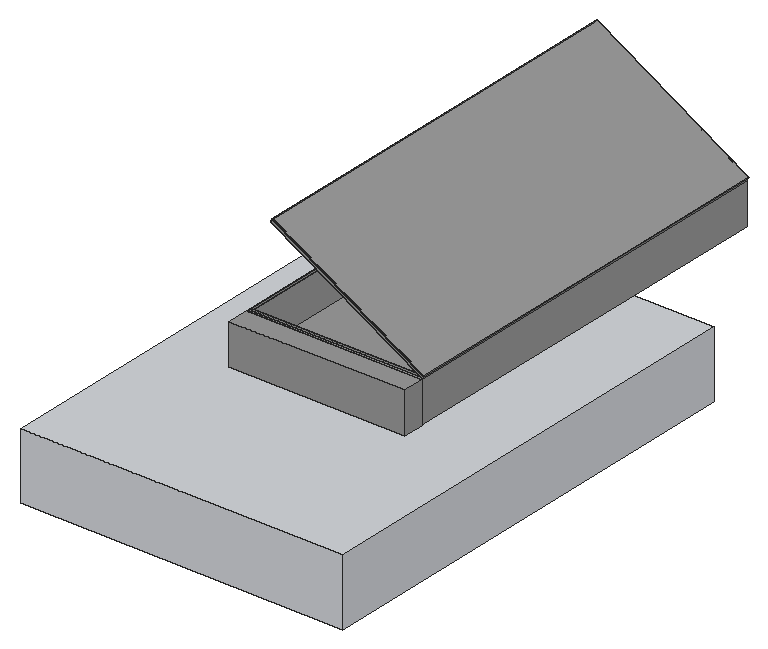
Revit family "Hager-Univers-IP44-D205-H1950-Cl.II-Encl-NoHosted-CH-de", category Equipement électrique, Revit 2020
Family settings
  Hôte = Face
  Configuration du panneau = Deux colonnes, circuits au sein
  Cote de connecteur circulaire = Utiliser le diamètre
  Type d'élément = Tableau de raccordement
  Couper avec des vides une fois chargée = Non
  Partagée = Non
  Point de calcul de pièce = Non
Parameters (values of type "Bodenaufstellung IP44 B800 H1950 T205  - FP23SN2")
  Width Control [instance] = if([EF000008 - Breite] > Min Width, [EF000008 - Breite], Min Width)  # 800 mm
  Commentaires du type = [HG000003 - Bereich]  # "Univers"
  Thickness Door [instance] = if([EF009171 - Materialstärke Tür/Deckel] > 3 mm, 3 mm, [EF009171 - Materialstärke Tür/Deckel])  # 1 mm
  Seal Frame Offset [instance] = 17 mm  # constant formula
  Plinth Visibility [instance] = [HG000027 - Sockelhöhe] > 0 mm  # yes
  Model = ""
  Min Width [instance] = 100 mm  # constant formula
  Min Height [instance] = 100 mm  # constant formula
  Min Depth [instance] = (2 * [EF009170 - Materialstärke Gehäuse]) + 1 mm  # 3 mm
  Internal Frame Depth [instance] = (Door System Depth * 0.5)  # 9 mm
  Height Control [instance] = if([EF000040 - Höhe] > Min Height, [EF000040 - Höhe], Min Height)  # 1950 mm
  HG000027 - Sockelhöhe = 100 mm
  HG000026 - Stehend auf dem Boden = yes
  HG000024 - Höhe des unteren Teils = 800 mm
  HG000023 - Gehäuse mit doppeltem Querschnitt = no
  HG000016 - 3D-Türsichtbarkeit [instance] = yes
  HG000015 - Sichtbarkeit der Türöffnung [instance] = no
  HG000014 - Tür rechts [instance] = yes
  HG000013 - Tür links [instance] = not([HG000014 - Tür rechts])  # no
  HG000012 - Türschwenkwinkel [instance] = 30.00°
  HG000010 - Asymmetrische Türen = no
  HG000009 - Doppelflügeligen Tür = no
  HG000006 - Unterputz = no
  HG000004 - Herstellerreferenz = "FP23SN2"
  HG000003 - Bereich = "Univers"
  HG000002 - Mit tür = yes
  Frame Offset Bottom [instance] = 10 mm  # constant formula
  Frame Offset [instance] = 15 mm  # constant formula
  EF015940 - Deckel mit Überdruckentlastung = no
  EF011959 - Schutzart (NEMA) = ""
  EF009554 - Anzahl der Öffnungen für Flanschplatten = 6
  Fabricant = "Hager"  # constant formula
  EF009212 - Ausführung Deckel = "EV000116 - geschlossen"
  EF009171 - Materialstärke Tür/Deckel = 1 mm
  EF009170 - Materialstärke Gehäuse = 1 mm
  EF008873 - Nennstrom (In) = 400 A
  EF007800 - Geeignet für Blitzschutz = no
  EF006306 - Mit Schloss = no
  EF006244 - Transparenter Deckel/Tür = no
  EF005474 - Schutzart (IP) = "EV006418 - IP44"
  EF004464 - Art der Tür = "EV002646 - Einzel"
  EF004427 - Anzahl der Module = 432
  EF004293 - Schlagfestigkeit = "EV006815 - IK09"
  EF003532 - Geeignet für Außengebrauch = no
  EF002950 - Breite in Teilungseinheiten = 36
  EF001613 - Funktionserhalt = "EV000494 - ohne"
  EF001596 - Werkstoff des Gehäuses = "EV000179 - Stahl"
  EF001131 - Innentiefe = 143 mm
  EF001088 - Anbaumöglichkeit = yes
  EF000437 - Anzahl der Leitungseinführungen = 6
  EF000339 - Art der Abdeckung = "EV001012 - Deckel"
  EF000266 - Anzahl der Reihen = 12
  EF000218 - Einbautiefe = 0 mm
  EF000118 - Mit Montageplatte = no
  EF000116 - RAL-Nummer = "9010"
  EF000049 - Tiefe = 205 mm
  EF000040 - Höhe = 1950 mm
  EF000008 - Breite = 800 mm
  EF000007 - Farbe = "EV000202 - weiß"
  EF000003 - Montageart = "EV012274 - Bodenaufstellung"
  Door System Leaf Tolerance [instance] = 1.5 mm  # constant formula
  Door System Depth [instance] = 18 mm  # constant formula
  Door Height [instance] = Height Control - [HG000027 - Sockelhöhe]  # 1850 mm
  Depth Control [instance] = if([EF000049 - Tiefe] > Min Depth, [EF000049 - Tiefe], Min Depth)  # 205 mm
  Default Elevation = 0 mm
  Connector Offset [instance] = Height Control / 2  # 975 mm
  Bottom Top Plate Trim [instance] = 1.5 mm  # constant formula
  Plinth height Ctrl [instance] = if([HG000027 - Sockelhöhe] > 0 mm, [HG000027 - Sockelhöhe], 12 mm)  # 100 mm
Types (5, lengths in mm): name | Width Control | HG000010 - Asymmetrische Türen | HG000009 - Doppelflügeligen Tür | HG000004 - Herstellerreferenz | EF009554 - Anzahl der Öffnungen für Flanschplatten | EF008873 - Nennstrom (In) | EF004464 - Art der Tür | EF004427 - Anzahl der Module | EF002950 - Breite in Teilungseinheiten | EF000437 - Anzahl der Leitungseinführungen | EF000008 - Breite
  Bodenaufstellung IP44 B1050 H1950 T205  - FP24SN2 | 1050 | no | yes | "FP24SN2" | 8 | 400 A | "EV003602 - Doppel" | 576 | 48 | 8 | 1050
  Bodenaufstellung IP44 B1300 H1950 T205  - FP25SN2 | 1300 | yes | yes | "FP25SN2" | 10 | 400 A | "EV003602 - Doppel" | 720 | 60 | 10 | 1300
  Bodenaufstellung IP44 B300 H1950 T205  - FP21SN2 | 300 | no | no | "FP21SN2" | 2 | 250 A | "EV002646 - Einzel" | 144 | 12 | 2 | 300
  Bodenaufstellung IP44 B550 H1950 T205  - FP22SN2 | 550 | no | no | "FP22SN2" | 4 | 400 A | "EV002646 - Einzel" | 288 | 24 | 4 | 550
  Bodenaufstellung IP44 B800 H1950 T205  - FP23SN2 | 800 | no | no | "FP23SN2" | 6 | 400 A | "EV002646 - Einzel" | 432 | 36 | 6 | 800
Reference planes
  plane 1 "Center (Front/Back)": y = 0
  plane 2: z = 0
  plane 3 "Center (Left/Right)": x = 0
  plane 4: z = 205
  plane 5: y = 101
  plane 6: y = 1025
  plane 7: y = 100
  plane 8: y = 1950
  plane 9: z = 0
  plane 10: x = -385
  plane 11: x = 385
  plane 12: x = 384
  plane 13: x = -384
  plane 14: y = 1949
  plane 15: x = -383
  plane 16: x = -400
  plane 17: x = 383
  plane 18: x = 400
  plane 19: x = 399
  plane 20: x = -399
  plane 21: y = 111
  plane 22: y = 1950
  plane 23: y = 1934
  plane 24: z = 187
  plane 25: z = 1
  plane 26: z = 186
  plane 27: z = 204
Forms (mm)
  Extrusion 1, solid
    sketch origin (0, 0, 0) x (1, 0, 0) y (0, 1, 0)
      loop
        line (-702.964, 1305) -> (-702.964, -811.445) -> (766.763, -811.445) -> (766.763, 1305) -> (-702.964, 1305)
    from 0 to -304.8
  Extrusion 2, solid, material "Hager_Steel_RAL7035_Light_Grey", visible <- "Plinth Visibility", detail levels medium+fine
    sketch origin (0, 0, 0) x (1, 0, 0) y (0, 1, 0)
      loop
        line (-400, 0) -> (400, 0) -> (400, 100) -> (-400, 100) -> (-400, 0)
    from 0 to 187
  Extrusion 3, solid, material "Hager_Steel_RAL7035_Light_Grey", detail levels medium+fine
    sketch origin (0, 0, 0) x (1, 0, 0) y (0, 1, 0)
      loop
        line (-400, 100) -> (400, 100) -> (400, 1950) -> (-400, 1950) -> (-400, 100)
    from 0 to 187
  Extrusion 4, void
    sketch origin (0, 0, 0) x (1, 0, 0) y (0, 1, 0)
      loop
        line (-399, 101) -> (399, 101) -> (399, 1949) -> (-399, 1949) -> (-399, 101)
    from 1 to 186
  Extrusion 5, void
    sketch origin (-381.607, -4572, 187) x (0, -1, 0) y (-1, 0, 0)
      loop
        line (-4683, 2.393) -> (-6506, 2.393) -> (-6506, -765.607) -> (-4683, -765.607) -> (-4683, 2.393)
    from 0 to 1 <- "EF009170 - Materialstärke Gehäuse"
  Extrusion 6, solid, material "Hager_Steel_RAL7035_Light_Grey", detail levels fine
    sketch origin (0, 0, 187) x (1, 0, 0) y (0, 1, 0)
      loop
        line (-384, 1934) -> (-384, 111) -> (384, 111) -> (384, 1934) -> (-384, 1934)
      loop
        line (-385, 110) -> (385, 110) -> (385, 1935) -> (-385, 1935) -> (-385, 110)
    from 0 to 9 <- "Internal Frame Depth"
  Extrusion 7, solid, material "Hager_Steel_RAL7035_Light_Grey", detail levels coarse
    sketch origin (0, 0, 0) x (1, 0, 0) y (0, 1, 0)
      loop
        line (-400, 0) -> (400, 0) -> (400, 1950) -> (-400, 1950) -> (-400, 0)
    from 0 to 205
  Sweep 8, void
    path in 3D
      loop
        line (-400, 100, 0) -> (400, 100, 0) -> (400, 100, 187) -> (-400, 100, 187) -> (-400, 100, 0)
    profile origin (-400, 100, 93.5) x (-1, 0, 0) y (0, -1, 0)
      loop
        line (0, 0) -> (0, 1.5) -> (-1.5, 1.5)
        arc (-1.5, 1.5) -> (-1.061, 0.439) -> (0, 0) r 1.5
Cuts and joins
  Extrusion 4, Extrusion 5 cuts Extrusion 3
  Sweep 8 cuts Extrusion 2
Lines and regions (mm)
  Masking region 1
    outline origin (0, 0, 0) x (1, 0, 0) y (0, 0, 1)
      loop
        line (-400, 205) -> (-400, 0) -> (400, 0) -> (400, 205) -> (-400, 205)
  Masking region 2, detail levels medium+fine
    outline origin (0, 140, 0) x (0, 1, 0) y (0, 0, 1)
      loop
        line (-40, 0) -> (1810, 0) -> (1810, 187) -> (-40, 187) -> (-40, 0)
  Masking region 3, not visible, detail levels medium+fine
    outline origin (0, 297.922, 0) x (0, 1, 0) y (0, 0, 1)
      loop
        line (738.578, 0) -> (778.578, 0) -> (778.578, 194)
        arc (778.578, 194) -> (775.649, 201.071) -> (768.578, 204) r 10
        line (768.578, 204) -> (738.578, 204) -> (738.578, 0)
  Masking region 4, detail levels coarse
    outline origin (0, 0, 180) x (0, 1, 0) y (0, 0, 1)
      loop
        line (0, -180) -> (1950, -180) -> (1950, 25) -> (0, 25) -> (0, -180)
  Masking region 5, visible <- "Plinth Visibility", detail levels medium+fine
    outline origin (0, 52.24, 12.345) x (0, 0, -1) y (0, 1, 0)
      loop
        line (10.845, 47.76) -> (-173.155, 47.76)
        arc (-173.155, 47.76) -> (-173.594, 46.699) -> (-174.655, 46.26) r 1.5
        line (-174.655, 46.26) -> (-174.655, -52.24) -> (12.345, -52.24) -> (12.345, 46.26)
        arc (12.345, 46.26) -> (11.285, 46.699) -> (10.845, 47.76) r 1.5
  Masking region 6, detail levels medium+fine
    outline origin (-381.607, -4572, 187) x (-1, 0, 0) y (0, -1, 0)
      loop
        line (18.393, -6522) -> (18.393, -4672) -> (-781.607, -4672) -> (-781.607, -6522) -> (18.393, -6522)
  Masking region 7, visible <- "Plinth Visibility", detail levels medium+fine
    outline origin (-381.607, -4727, 187) x (-1, 0, 0) y (0, -1, 0)
      loop
        arc (16.893, -4827) -> (17.332, -4825.939) -> (18.393, -4825.5) r 1.5
        line (18.393, -4825.5) -> (18.393, -4727) -> (-781.607, -4727) -> (-781.607, -4825.5)
        arc (-781.607, -4825.5) -> (-780.546, -4825.939) -> (-780.107, -4827) r 1.5
        line (-780.107, -4827) -> (16.893, -4827)
  Masking region 8, detail levels coarse
    outline origin (-442.548, -4669.526, 187) x (-1, 0, 0) y (0, -1, 0)
      loop
        line (-42.548, -6619.526) -> (-42.548, -4669.526) -> (-842.548, -4669.526) -> (-842.548, -6619.526) -> (-42.548, -6619.526)
  sketch lines
    curve 1: line (-400, 100, 187) -> (-400, 100, 0)
    curve 2: line (400, 100, 187) -> (-400, 100, 187)
    curve 3: line (400, 100, 187) -> (400, 100, 0)
    curve 4: line (-400, 100, 0) -> (400, 100, 0)
Dimensions and locks
  "Depth Control": plane 4 to Extrusion 1
  "HG000027 - Sockelhöhe": plane 1 "Center (Front/Back)" to plane 7
  "EF009170 - Materialstärke Gehäuse": plane 5 to plane 7
  locked: connector elem to plane 3 "Center (Left/Right)"
  equal spacing: plane 8, plane 6, plane 7
  locked: connector elem to plane 6
  "EF009170 - Materialstärke Gehäuse": plane 8 to plane 14
  "EF009170 - Materialstärke Gehäuse": plane 10 to plane 13
  "EF009170 - Materialstärke Gehäuse": plane 12 to plane 11
  "Frame Offset": plane 20 to plane 13
  "Frame Offset": plane 12 to plane 19
  "EF009170 - Materialstärke Gehäuse": plane 16 to plane 20
  "EF009170 - Materialstärke Gehäuse": plane 19 to plane 18
  "Seal Frame Offset": plane 16 to plane 15
  "Seal Frame Offset": plane 17 to plane 18
  "Frame Offset Bottom": plane 21 to plane 5
  "Frame Offset": plane 14 to plane 23
  equal spacing: plane 16, plane 3 "Center (Left/Right)", plane 18
  "Width Control": plane 16 to plane 18
  "EF009170 - Materialstärke Gehäuse": plane 4 to plane 27
  "EF009170 - Materialstärke Gehäuse": plane 24 to plane 26
  "EF009170 - Materialstärke Gehäuse": plane 25 to level
  "Door System Depth": plane 4 to plane 24
  "Height Control": plane 1 "Center (Front/Back)" to Extrusion 7 sketch curve
  "Height Control": Masking region 4 sketch curve to plane 1 "Center (Front/Back)"
  "Height Control": plane 1 "Center (Front/Back)" to plane 22
  "Bottom Top Plate Trim": profile plane to Sweep 8 sketch curve
  "Bottom Top Plate Trim": Sweep 8 sketch curve to profile plane
  "Plinth height Ctrl": plane 1 "Center (Front/Back)" to Extrusion 2 sketch curve
  "Plinth height Ctrl": Masking region 5 sketch curve to plane 1 "Center (Front/Back)"
  "Plinth height Ctrl": plane 1 "Center (Front/Back)" to Masking region 7 sketch curve
  "Thickness Door": Extrusion 6 sketch curve to Extrusion 6 sketch curve  (x3)
  "Thickness Door": cut or joined group of Extrusion 3, Extrusion 4, Extrusion 5 to Extrusion 6 sketch curve
  radius of Masking region 3 sketch curve = 10 mm
  "Bottom Top Plate Trim": radius of Masking region 5 sketch curve  (x2)
  "Bottom Top Plate Trim": radius of Sweep 8 sketch curve
  "Bottom Top Plate Trim": radius of Masking region 7 sketch curve  (x2)
  aligned and locked: plane 2 to Extrusion 1
  aligned and locked: level to Extrusion 1
  aligned and locked: level to Masking region 1 sketch curve
  aligned and locked: Masking region 1 sketch curve to plane 18
  aligned and locked: Masking region 1 sketch curve to plane 16
  aligned and locked: plane 7 to Masking region 2 sketch curve
  aligned and locked: level to Masking region 3 sketch curve
  aligned and locked: Masking region 3 sketch curve to plane 27
  aligned and locked: level to Masking region 2 sketch curve
  aligned and locked: plane 1 "Center (Front/Back)" to Extrusion 2 sketch curve
  aligned and locked: Extrusion 3 sketch curve to plane 7
  aligned and locked: plane 16 to Extrusion 3 sketch curve
  aligned and locked: plane 18 to Extrusion 3 sketch curve
  aligned and locked: plane 20 to Extrusion 4 sketch curve
  aligned and locked: plane 19 to Extrusion 4 sketch curve
  aligned and locked: Extrusion 4 sketch curve to plane 5
  aligned and locked: Extrusion 4 to plane 25
  aligned and locked: plane 26 to Extrusion 4
  aligned and locked: plane 24 to Extrusion 3
  aligned and locked: Extrusion 5 sketch curve to plane 21
  aligned and locked: Extrusion 5 sketch curve to plane 13
  aligned and locked: Extrusion 5 sketch curve to plane 12
  aligned and locked: plane 18 to Extrusion 7 sketch curve
  aligned and locked: plane 1 "Center (Front/Back)" to Extrusion 7 sketch curve
  aligned and locked: plane 16 to Extrusion 7 sketch curve
  aligned and locked: plane 4 to Extrusion 7
  aligned and locked: Extrusion 7 to level
  aligned and locked: level to Masking region 4 sketch curve
  aligned and locked: Masking region 4 sketch curve to plane 1 "Center (Front/Back)"
  aligned and locked: Masking region 4 sketch curve to plane 4
  aligned and locked: nested 1 to level
  aligned and locked: nested 1 to plane 16
  aligned and locked: plane 8 to Extrusion 3 sketch curve
  aligned and locked: plane 23 to Extrusion 5 sketch curve
  aligned and locked: plane 14 to Extrusion 4 sketch curve
  aligned and locked: Masking region 2 sketch curve to plane 8
  aligned and locked: level to Masking region 5 sketch curve
  aligned and locked: plane 16 to Extrusion 2 sketch curve
  aligned and locked: plane 18 to Extrusion 2 sketch curve
  aligned and locked: Masking region 5 sketch curve to plane 24
  aligned and locked: Masking region 2 sketch curve to plane 24
  aligned and locked: plane 24 to Extrusion 2
  aligned and locked: profile plane to Sweep 8 sketch curve  (x2)
  aligned and locked: Masking region 6 sketch curve to plane 18
  aligned and locked: Masking region 6 sketch curve to plane 22
  aligned and locked: Masking region 6 sketch curve to plane 16
  aligned and locked: plane 8 to plane 22
  aligned and locked: Masking region 6 sketch curve to plane 7
  aligned and locked: Masking region 7 sketch curve to plane 16
  aligned and locked: Masking region 7 sketch curve to plane 1 "Center (Front/Back)"
  aligned and locked: Masking region 7 sketch curve to plane 18
  aligned and locked: Masking region 8 sketch curve to plane 1 "Center (Front/Back)"
  aligned and locked: Masking region 8 sketch curve to plane 18
  aligned and locked: Masking region 8 sketch curve to plane 22
  aligned and locked: Masking region 8 sketch curve to plane 16
  aligned and locked: nested 2 to plane 7
  aligned and locked: plane 3 "Center (Left/Right)" to nested 2
  aligned and locked: nested 2 to plane 24
  aligned and locked: Extrusion 6 sketch curve to cut or joined group of Extrusion 3, Extrusion 4, Extrusion 5  (x4)
Automatic sketch dimensions
  Extrusion 1 sketch curve to Extrusion 1 sketch curve = 1469.727 mm
  Extrusion 1 sketch curve to Extrusion 1 sketch curve = 2116.445 mm
  Masking region 1 sketch curve to plane 4 = 0 mm
  plane 6 to Masking region 3 sketch curve = 11.5 mm
  Masking region 3 sketch curve to Masking region 3 sketch curve = 30 mm
  Masking region 5 sketch curve to plane 1 "Center (Front/Back)" = 0 mm
Nested families
  nested 1: "Hager_Enclosure_Symbol" at (-400, 0, 0) x (1, 0, 0) z (0, -1, 0), Height <- "Depth Control", Width <- "Width Control", type "Hager_Enclosure_Symbol"
    with Width_Ctrl 800 mm, Width 800 mm, Height_Ctrl 205 mm, Height 205 mm, A_Width_Int 13.453 mm, A_Width 161.438 mm, A_Height_Ctrl 179.375 mm, A_Height 179.375 mm
  nested 2: "EC000058_Univers_Door" at (0, 100, 187) x (1, 0, 0) z (0, 1, 0), Leaf_Tolerance <- "Door System Leaf Tolerance", Angle <- "HG000012 - Türschwenkwinkel", Door_Depth <- "Door System Depth", Door_Left <- "HG000013 - Tür links", Transparent <- "EF006244 - Transparenter Deckel/Tür", Assymetrical <- "HG000010 - Asymmetrische Türen", Width <- "Width Control", Clearance <- "HG000015 - Sichtbarkeit der Türöffnung", Double <- "HG000009 - Doppelflügeligen Tür", 3d_Door <- "HG000016 - 3D-Türsichtbarkeit", Lock_Visibility <- "EF006306 - Mit Schloss", Width_Ctrl <- "Width Control", Door_Right <- "HG000014 - Tür rechts", Door <- "HG000002 - Mit tür", Height <- "Door Height", Thickness <- "Thickness Door", type "EC000058_Univers_Door", detail levels medium+fine
    with min_wh 3 mm, Width_Ctrl 800 mm, Width 800 mm, Transparent no, Thickness 1 mm, Seal_Material Hager_Rubber, Lock_Visibility no, Lock_Material Hager_Plastic_RAL9005_Jet_Black, Leaf_Width 800 mm, Leaf_Tolerance_External_Sides 0 mm, Leaf_Tolerance 1.5 mm, Leaf_Offset 0 mm, Leaf_Height 1847 mm, Leaf_2_Width 800 mm, Leaf_2_Offset 400 mm, Leaf_1_Width 800 mm, Leaf_1_Offset 400 mm, Height_Ctrl 1850 mm, Height 1850 mm, Glass_Material Hager_Glass, Double_Clearance_Ctrl no, Double no, Door_Right_Ctrl yes, Door_Right yes, Door_Material Hager_Steel_RAL7035_Light_Grey, Door_Left_Ctrl no, Door_Left no, Door_Depth 18 mm, Door yes, Clearance_Material Hager_Clearance, Clearance_Depth 800 mm, Clearance_Ctrl no, Clearance no, Assymetrical no, Angle 30.00°, 3d_Door yes
Connectors
  electrical at (0, 1025, 0)
    settings: on plane 9, index 1, voltage 0 V, apparent load 0 VA, apparent load phase1 0 VA, apparent load phase2 0 VA, apparent load phase3 0 VA, power factor 1, load classification "Other", number of poles 1, system type 30, power factor state 1, is connector primary yes, connector utility no, sub classification motor no, connector description ""
Definition of nested family "EC000058_Univers_Door"
  Parameters (values of type "EC000058_Univers_Door")
    min_wh [instance] = (2 * Thickness) + 1 mm  # 11 mm
    Width_Ctrl [instance] = 400 mm
    Width [instance] = 500 mm
    Transparent [instance] = yes
    Thickness [instance] = 5 mm
    Seal_Material [instance] = none
    Lock_Visibility [instance] = yes
    Lock_Material [instance] = none
    Leaf_Width [instance] = if((Width_Ctrl - 2 * Leaf_Tolerance_External_Sides) > 0 mm, (Width_Ctrl - 2 * Leaf_Tolerance_External_Sides), min_wh)  # 400 mm
    Leaf_Tolerance_External_Sides [instance] = 0 mm  # constant formula
    Leaf_Tolerance [instance] = 1.5 mm
    Leaf_Offset [instance] = 0 mm  # constant formula
    Leaf_Height [instance] = if((Height_Ctrl - 2 * Leaf_Tolerance) > 0 mm, (Height_Ctrl - 2 * Leaf_Tolerance), min_wh)  # 497 mm
    Leaf_2_Width [instance] = if(and(and(Double, Assymetrical), Door_Left), (Leaf_Width / 3) - (Leaf_Tolerance / 2), if(and(and(Double, Assymetrical), Door_Right), (Leaf_Width / 3) * 2 - (Leaf_Tolerance / 2), if(and(Double, not(Assymetrical)), (Leaf_Width / 2) - Leaf_Tolerance, Leaf_Width)))  # 400 mm
    Leaf_2_Offset [instance] = if(and(Double, Assymetrical), Leaf_2_Width / 2, if(and(Double, not(Assymetrical)), Leaf_Width / 4, Leaf_Width / 2))  # 200 mm
    Leaf_1_Width [instance] = if(and(and(Double, Assymetrical), Door_Right), (Leaf_Width / 3) - (Leaf_Tolerance / 2), if(and(and(Double, Assymetrical), Door_Left), (Width / 3) * 2 - (Leaf_Tolerance / 2), if(and(Double, not(Assymetrical)), (Leaf_Width / 2) - Leaf_Tolerance, Leaf_Width)))  # 400 mm
    Leaf_1_Offset [instance] = if(and(Double, Assymetrical), Leaf_1_Width / 2, if(and(Double, not(Assymetrical)), Leaf_Width / 4, Leaf_Width / 2))  # 200 mm
    Height_Ctrl [instance] = if(Height > min_wh, Height, min_wh)  # 500 mm
    Height [instance] = 500 mm
    Glass_Material [instance] = none
    Double_Clearance_Ctrl [instance] = and(Double, Clearance)  # no
    Double [instance] = no
    Door_Right_Ctrl [instance] = and(or(Door_Right, Double), Door)  # yes
    Door_Right [instance] = yes
    Door_Material [instance] = none
    Door_Left_Ctrl [instance] = and(or(Door_Left, Double), Door)  # no
    Door_Left [instance] = no
    Door_Depth [instance] = 30 mm
    Door [instance] = yes
    Default Elevation = 1219.2 mm
    Clearance_Material [instance] = none
    Clearance_Depth [instance] = if(Leaf_1_Width > Leaf_2_Width, Leaf_1_Width, Leaf_2_Width)  # 400 mm
    Clearance_Ctrl [instance] = and(not(Double), Clearance)  # yes
    Clearance [instance] = yes
    Assymetrical [instance] = yes
    Angle [instance] = 30.00°
    3d_Door [instance] = yes
  Reference planes
    plane 1 "Center (Front/Back)": y = 0
    plane 2 "Bottom": z = 0
    plane 3 "Center (Left/Right)": x = 0
    plane 4: z = 500
    plane 5: x = -200
    plane 6: x = 200
    plane 7: z = 500
    plane 8: x = -200
    plane 9: z = 0
    plane 10: x = 200
    plane 11: y = 0
    plane 12: z = 1.5
    plane 13: x = -600
    plane 14: y = -400
    plane 15: x = 600
    plane 16: x = 0
    plane 17: x = 0
    plane 18: x = -200
    plane 19: x = 200
    plane 20: z = 498.5
  Forms (mm)
    Extrusion 1, solid, material <- "Clearance_Material", visible <- "Double_Clearance_Ctrl"
      sketch origin (1200, 0, 0) x (1, 0, 0) y (0, 0, -1)
        loop
          line (-1800, -498.5) -> (-600, -498.5) -> (-600, 0) -> (-1800, 0) -> (-1800, -498.5)
      from 0 to -400
  Dimensions and locks
    equal spacing: plane 5, plane 3 "Center (Left/Right)", plane 6
    "Width_Ctrl": plane 5 to plane 6
    "Leaf_Offset": plane 5 to plane 8
    "Leaf_Offset": plane 6 to plane 10
    "Leaf_Offset": plane 9 to level
    "Leaf_Offset": plane 4 to plane 7
    "Height_Ctrl": plane 4 to level
    "Leaf_Tolerance": plane 12 to plane 9
    locked: plane 11 to plane 1 "Center (Front/Back)"
    "Leaf_1_Offset": plane 18 to plane 16
    "Leaf_2_Offset": plane 17 to plane 19
    "Leaf_1_Width": plane 13 to plane 8
    "Leaf_2_Width": plane 10 to plane 15
    "Clearance_Depth": plane 14 to plane 1 "Center (Front/Back)"
    "Leaf_Tolerance_External_Sides": plane 8 to plane 18
    "Leaf_Tolerance_External_Sides": plane 19 to plane 10
    "Leaf_Tolerance": plane 7 to plane 20
    aligned and locked: level to plane 2 "Bottom"
    aligned and locked: nested 1 to plane 16
    aligned and locked: nested 2 to plane 17
    aligned and locked: Extrusion 1 to plane 13
    aligned and locked: plane 15 to Extrusion 1
    aligned and locked: Extrusion 1 to plane 14
    aligned and locked: plane 12 to nested 1
    aligned and locked: nested 2 to plane 12
    aligned and locked: Extrusion 1 to plane 11
    aligned and locked: plane 20 to Extrusion 1
    aligned and locked: nested 2 to plane 11
    aligned and locked: nested 1 to plane 11
  Automatic sketch dimensions
    Extrusion 1 sketch curve to level = 0 mm
    plane 5 to Extrusion 1 sketch curve = 400 mm
    plane 6 to Extrusion 1 sketch curve = 400 mm
    Extrusion 1 sketch curve to plane 4 = 1.5 mm
  Nested families
    nested 1: "EC000058_Univers_Door_Leaf" at (0, 0, 1.5), Width <- "Leaf_1_Width", visible <- "Door_Left_Ctrl", Leaf_Height <- "Leaf_Height", Angle <- "Angle", 3d_Door <- "3d_Door", Transparent <- "Transparent", Clearance Material <- "Clearance_Material", Clearance <- "Clearance_Ctrl", Door_Material <- "Door_Material", Glass_Material <- "Glass_Material", Door_Depth <- "Door_Depth", Lock_Material <- "Lock_Material", Seal_Material <- "Seal_Material", Lock_Visibility <- "Lock_Visibility", Thickness <- "Thickness", type "EC000058_Univers_Door_Leaf"
      with Width 400 mm, Transparent_Glass_Offset 30 mm, Transparent_Ctrl yes, Transparent yes, Thickness 5 mm, Standard no, Seal_Material none, Seal_D2 8 mm, Seal_D1 1 mm, Offset_Internal_Frame 10 mm, Lock_Width 20 mm, Lock_Visibility_3d yes, Lock_Visibility yes, Lock_Thickness_3 3 mm, Lock_Thickness_2 1 mm, Lock_Thickness_1 3 mm, Lock_Radius_Offset_2 16 mm, Lock_Radius_Offset_1 15 mm, Lock_Radius_2 5 mm, Lock_Radius 6 mm, Lock_Offset 5 mm, Lock_Material none, Lock_Height 80 mm, Lock_Cover_Top_Offset_2d 17 mm, Lock_Cover_Height -65 mm, Leaf_Height 497 mm, Internal_Seal_Thickness 8 mm, Internal_Seal_Depth_2 4.5 mm, Internal_Frame_Depth 25 mm, Glass_Thickness -1 mm, Glass_Offset -2 mm, Glass_Material none, Door_Material none, Door_Depth 30 mm, Clearance Material none, Clearance yes, Angle_Ctrl 30.00°, Angle 30.00°, 3d_Door yes
    nested 2: "EC000058_Univers_Door_Leaf" at (0, 0, 1.5) x (-1, 0, 0) z (0, 0, 1), Width <- "Leaf_2_Width", visible <- "Door_Right_Ctrl", Leaf_Height <- "Leaf_Height", Angle <- "Angle", 3d_Door <- "3d_Door", Transparent <- "Transparent", Clearance Material <- "Clearance_Material", Clearance <- "Clearance_Ctrl", Door_Material <- "Door_Material", Glass_Material <- "Glass_Material", Door_Depth <- "Door_Depth", Lock_Material <- "Lock_Material", Seal_Material <- "Seal_Material", Lock_Visibility <- "Lock_Visibility", Thickness <- "Thickness", type "EC000058_Univers_Door_Leaf"
      with Width 400 mm, Transparent_Glass_Offset 30 mm, Transparent_Ctrl yes, Transparent yes, Thickness 5 mm, Standard no, Seal_Material none, Seal_D2 8 mm, Seal_D1 1 mm, Offset_Internal_Frame 10 mm, Lock_Width 20 mm, Lock_Visibility_3d yes, Lock_Visibility yes, Lock_Thickness_3 3 mm, Lock_Thickness_2 1 mm, Lock_Thickness_1 3 mm, Lock_Radius_Offset_2 16 mm, Lock_Radius_Offset_1 15 mm, Lock_Radius_2 5 mm, Lock_Radius 6 mm, Lock_Offset 5 mm, Lock_Material none, Lock_Height 80 mm, Lock_Cover_Top_Offset_2d 17 mm, Lock_Cover_Height -65 mm, Leaf_Height 497 mm, Internal_Seal_Thickness 8 mm, Internal_Seal_Depth_2 4.5 mm, Internal_Frame_Depth 25 mm, Glass_Thickness -1 mm, Glass_Offset -2 mm, Glass_Material none, Door_Material none, Door_Depth 30 mm, Clearance Material none, Clearance yes, Angle_Ctrl 30.00°, Angle 30.00°, 3d_Door yes
  Definition of nested family "EC000058_Univers_Door_Leaf"
    Parameters (values of type "EC000058_Univers_Door_Leaf")
      Width [instance] = 2000 mm
      Transparent_Glass_Offset [instance] = 30 mm
      Transparent_Ctrl [instance] = and(Transparent, [3d_Door])  # yes
      Transparent [instance] = yes
      Thickness [instance] = 5 mm
      Standard [instance] = and(not(Transparent), [3d_Door])  # no
      Seal_Material [instance] = none
      Seal_D2 [instance] = 8 mm  # constant formula
      Seal_D1 [instance] = 1 mm  # constant formula
      Offset_Internal_Frame [instance] = 10 mm  # constant formula
      Lock_Width [instance] = 20 mm  # constant formula
      Lock_Visibility_3d [instance] = and(Lock_Visibility, [3d_Door])  # yes
      Lock_Visibility [instance] = yes
      Lock_Thickness_3 [instance] = 3 mm  # constant formula
      Lock_Thickness_2 [instance] = 1 mm  # constant formula
      Lock_Thickness_1 [instance] = 3 mm  # constant formula
      Lock_Radius_Offset_2 [instance] = Lock_Radius_Offset_1 + 1 mm  # 16 mm
      Lock_Radius_Offset_1 [instance] = 15 mm  # constant formula
      Lock_Radius_2 [instance] = Lock_Radius - 1 mm  # 5 mm
      Lock_Radius [instance] = 6 mm  # constant formula
      Lock_Offset [instance] = 5 mm  # constant formula
      Lock_Material [instance] = none
      Lock_Height [instance] = 80 mm  # constant formula
      Lock_Cover_Top_Offset_2d [instance] = Lock_Radius_Offset_2 + 1 mm  # 17 mm
      Lock_Cover_Height [instance] = -(Lock_Height - Lock_Radius_Offset_1)  # -65 mm
      Leaf_Height [instance] = 2720.336 mm
      Internal_Seal_Thickness [instance] = 8 mm  # constant formula
      Internal_Seal_Depth_2 [instance] = 4.5 mm  # constant formula
      Internal_Frame_Depth [instance] = if(Door_Depth - Thickness > 5 mm, Door_Depth - Thickness, 5 mm)  # 25 mm
      Glass_Thickness [instance] = if(Thickness > 15 mm, Glass_Offset + 10 mm, -1 mm)  # -1 mm
      Glass_Offset [instance] = if(Thickness > 15 mm, -(Thickness + 10 mm) / 2, -2 mm)  # -2 mm
      Glass_Material [instance] = none
      Door_Material [instance] = none
      Door_Depth [instance] = 30 mm
      Default Elevation = 0 mm
      Clearance Material [instance] = none
      Clearance [instance] = yes
      Angle_Ctrl [instance] = if(Angle > 180.00°, 180.00°, Angle)  # 90.00°
      Angle [instance] = 90.00°
      3d_Door [instance] = yes
    Reference planes
      plane 1 "Center (Front/Back)": y = 0
      plane 2: z = 0
      plane 3 "Center (Left/Right)": x = 0
      plane 4: y = 2000
      plane 5: x = -1000
      plane 6: x = 1000
      plane 7: x = -3000
      plane 8: z = 2720.336
      plane 9: z = 30
      plane 10: z = 2690.336
      plane 11: x = 970
      plane 12: x = -970
      plane 13: y = -3
      plane 14: z = 107.833
      plane 15: y = -5
      plane 16: y = -223.314
      plane 17: x = -1000
      plane 18: z = 1360.168
      plane 19: y = 30
    Forms (mm)
      Extrusion 1, solid, material <- "Clearance Material", visible <- "Clearance"
        sketch origin (0, 0, 0) x (1, 0, 0) y (0, 0, 1)
          loop
            line (-3000, 2720.336) -> (-3000, 0) -> (1000, 0) -> (1000, 2720.336) -> (-3000, 2720.336)
        from 0 to -2000
      Extrusion 2, solid, material <- "Door_Material", visible <- "Standard", detail levels medium+fine
        sketch origin (-1000, 0, 0) x (0, 1, 0) y (-1, 0, 0)
          loop
            line (0, 30) -> (0, 25) -> (2000, 25) -> (2000, 30) -> (0, 30)
        from 0 to 2720.336 <- "Leaf_Height"
      Extrusion 3, solid, material <- "Door_Material", visible <- "Transparent_Ctrl", detail levels medium+fine
        sketch origin (-1000, 0, 0) x (0, 1, 0) y (-1, 0, 0)
          loop
            line (0, 25) -> (2000, 25) -> (2000, 30) -> (0, 30) -> (0, 25)
        from 0 to 2720.336 <- "Leaf_Height"
      Extrusion 4, void
        sketch origin (-1025, 2000, 0) x (0, 1, 0) y (0, 0, -1)
          loop
            line (-30, -2690.336) -> (-30, -30) -> (-1970, -30) -> (-1970, -2690.336) -> (-30, -2690.336)
        from 0 to 5 <- "Thickness"
      Sweep 5, solid, material <- "Seal_Material", visible <- "Transparent_Ctrl", detail levels fine
        path in 3D
          loop
            line (-1025, 30, 30) -> (-1025, 30, 2690.336) -> (-1025, 1970, 2690.336) -> (-1025, 1970, 30) -> (-1025, 30, 30)
        profile origin (-1025, 1000, 30) x (1, 0, 0) y (0, 0, 1)
          loop
            line (0, 0) -> (0, -8) -> (1, -8) -> (1, 0) -> (0, 0)
      Extrusion 6, solid, material <- "Glass_Material", visible <- "Transparent_Ctrl", detail levels medium+fine
        sketch origin (-1030, 0, 0) x (0, 1, 0) y (0, 0, -1)
          loop
            line (1970, -2690.336) -> (1970, -30) -> (30, -30) -> (30, -2690.336) -> (1970, -2690.336)
        from -2 <- "Glass_Offset" to -1 <- "Glass_Thickness"
      Extrusion 7, solid, material <- "Door_Material", visible <- "3d_Door", detail levels medium+fine
        sketch origin (-1025, 2000, 0) x (0, -1, 0) y (0, 0, -1)
          loop
            line (0, -2720.336) -> (2000, -2720.336) -> (2000, 0) -> (0, 0) -> (0, -2720.336)
          loop
            line (1995, -5) -> (5, -5) -> (5, -2715.336) -> (1995, -2715.336) -> (1995, -5)
        from 0 to 25 <- "Internal_Frame_Depth"
      Sweep 8, solid, material <- "Seal_Material", visible <- "Transparent_Ctrl", detail levels fine
        path in 3D
          loop
            line (-1025, 0, 0) -> (-1025, 2000, 0) -> (-1025, 2000, 2720.336) -> (-1025, 0, 2720.336) -> (-1025, 0, 0)
        profile origin (-1025, 0, 1360.168) x (1, 0, 0) y (0, 1, 0)
          loop
            line (0, 10) -> (2.975, 10)
            arc (2.975, 10) -> (4.053, 10.447) -> (4.5, 11.525) r 1.525
            line (4.5, 11.525) -> (4.5, 16.527)
            arc (4.5, 16.527) -> (4.069, 17.569) -> (3.027, 18) r 1.473
            line (3.027, 18) -> (0, 18) -> (0, 10)
      Extrusion 9, solid, material <- "Lock_Material", visible <- "Lock_Visibility_3d", detail levels fine
        sketch origin (-1030, 0, 0) x (0, 1, 0) y (0, 0, -1)
          loop
            arc (1993.5, -1400.168) -> (1994.561, -1399.729) -> (1995, -1398.668) r 1.5
            line (1995, -1398.668) -> (1995, -1320.168) -> (1975, -1320.168) -> (1975, -1398.668)
            arc (1975, -1398.668) -> (1975.439, -1399.729) -> (1976.5, -1400.168) r 1.5
            line (1976.5, -1400.168) -> (1993.5, -1400.168)
        from 3 <- "Lock_Thickness_1" to 0
      Blend 10, solid, material <- "Lock_Material", visible <- "Lock_Visibility_3d", detail levels fine
        base sketch origin (-1033, 0, 0) x (0, 1, 0) y (0, 0, -1)
          loop
            line (1975, -1320.168) -> (1975, -1398.668)
            arc (1975, -1398.668) -> (1975.439, -1399.729) -> (1976.5, -1400.168) r 1.5
            line (1976.5, -1400.168) -> (1993.5, -1400.168)
            arc (1993.5, -1400.168) -> (1994.561, -1399.729) -> (1995, -1398.668) r 1.5
            line (1995, -1398.668) -> (1995, -1320.168) -> (1975, -1320.168)
        top sketch origin (-1033, 0, 0) x (0, 1, 0) y (0, 0, -1)
          loop
            line (1976, -1320.168) -> (1976, -1398.668)
            arc (1976, -1398.668) -> (1976.146, -1399.022) -> (1976.5, -1399.168) r 0.5
            line (1976.5, -1399.168) -> (1993.5, -1399.168)
            arc (1993.5, -1399.168) -> (1993.854, -1399.022) -> (1994, -1398.668) r 0.5
            line (1994, -1398.668) -> (1994, -1320.168) -> (1976, -1320.168)
        from 0 to 1 <- "Lock_Thickness_2"
      Blend 11, solid, material <- "Lock_Material", visible <- "Lock_Visibility_3d", detail levels fine
        base sketch origin (-1034, 0, 0) x (0, 1, 0) y (0, 0, -1)
          loop
            line (1978, -1320.168) -> (1978, -1384.168)
            arc (1978, -1384.168) -> (1985, -1391.168) -> (1992, -1384.168) r 7
            line (1992, -1384.168) -> (1992, -1320.168) -> (1978, -1320.168)
        top sketch origin (-1034, 0, 0) x (0, 1, 0) y (0, 0, -1)
          loop
            line (1991, -1320.168) -> (1979, -1320.168) -> (1979, -1383.168)
            arc (1979, -1383.168) -> (1985, -1389.168) -> (1991, -1383.168) r 6
            line (1991, -1383.168) -> (1991, -1320.168)
        from 0 to 3 <- "Lock_Thickness_3"
      Extrusion 12, solid, material <- "Lock_Material", visible <- "Lock_Visibility_3d", detail levels fine
        sketch origin (-1030, 1975, 1320.168) x (1, 0, 0) y (0, -1, 0)
          loop
            line (-7, -19) -> (-7, -1) -> (0, -1) -> (0, 0) -> (-8, 0) -> (-8, -20) -> (0, -20) -> (0, -19) -> (-7, -19)
        from 0 to -65 <- "Lock_Cover_Height"
      Extrusion 13, void
        sketch origin (-1038, 1995, 1320.168) x (-1, 0, 0) y (0, 0, -1)
          loop
            line (-5, -65) -> (0, -65) -> (-5, -60) -> (-5, -65)
        from 0 to 20 <- "Lock_Width"
      Extrusion 14, void
        sketch origin (-1038, 1975, 1320.168) x (0, -1, 0) y (0, 0, -1)
          loop
            circle (-10, -15.995) r 6
          loop
            circle (-10, -15.995) r 5
        from 0 to 2
      Extrusion 15, solid, material <- "Lock_Material", visible <- "Lock_Visibility_3d", detail levels medium
        sketch origin (-1030, 0, 0) x (0, 1, 0) y (0, 0, -1)
          loop
            arc (1993.5, -1400.168) -> (1994.561, -1399.729) -> (1995, -1398.668) r 1.5
            line (1995, -1398.668) -> (1995, -1320.168) -> (1975, -1320.168) -> (1975, -1398.668)
            arc (1975, -1398.668) -> (1975.439, -1399.729) -> (1976.5, -1400.168) r 1.5
            line (1976.5, -1400.168) -> (1993.5, -1400.168)
        from 8 to 0
    Cuts and joins
      Extrusion 4 cuts Extrusion 3
      Extrusion 13, Extrusion 14 cuts Extrusion 9
      Extrusion 14 cuts Blend 11
      Extrusion 13, Extrusion 14 cuts Extrusion 12
      joined: Extrusion 9, Blend 10, Blend 11, Extrusion 12
      Extrusion 14 cuts Extrusion 15
    Lines and regions (mm)
      Masking region 1, visible <- "Lock_Visibility", detail levels fine
        outline origin (0, 0, 0) x (0, 1, 0) y (0, 0, 1)
          loop
            line (30, 1320.168) -> (33, 1320.168) -> (33, 1400.168) -> (30, 1400.168) -> (30, 1320.168)
      Masking region 2, visible <- "Lock_Visibility", detail levels fine
        outline origin (0, 3.143, 0) x (0, 1, 0) y (0, 0, 1)
          loop
            line (29.857, 1354.168) -> (30.857, 1354.168) -> (30.857, 1366.168) -> (29.857, 1366.168) -> (29.857, 1354.168)
      Masking region 3, detail levels medium+fine
        outline origin (0, 0, 0) x (0, 1, 0) y (0, 0, 1)
          loop
            line (0, 0) -> (30, 0) -> (30, 2720.336) -> (0, 2720.336) -> (0, 0)
      Masking region 4, detail levels medium+fine
        outline origin (0, 0, 0) x (1, 0, 0) y (0, 0, 1)
          loop
            line (-1000, 2720.336) -> (-1000, 0) -> (1000, 0) -> (1000, 2720.336) -> (-1000, 2720.336)
      Masking region 5, visible <- "Lock_Visibility", detail levels fine
        outline origin (-47.116, 0, 0) x (1, 0, 0) y (0, 0, 1)
          loop
            arc (1024.616, 1399.168) -> (1023.556, 1398.729) -> (1023.116, 1397.668) r 1.5
            line (1023.116, 1397.668) -> (1023.116, 1320.168) -> (1041.116, 1320.168) -> (1041.116, 1397.668)
            arc (1041.116, 1397.668) -> (1040.677, 1398.729) -> (1039.616, 1399.168) r 1.5
            line (1039.616, 1399.168) -> (1024.616, 1399.168)
      Masking region 6, visible <- "Lock_Visibility", detail levels medium+fine
        outline origin (-25, 0, 0) x (1, 0, 0) y (0, 0, 1)
          loop
            arc (1001.5, 1400.168) -> (1000.439, 1399.729) -> (1000, 1398.668) r 1.5
            line (1000, 1398.668) -> (1000, 1320.168) -> (1020, 1320.168) -> (1020, 1398.668)
            arc (1020, 1398.668) -> (1019.561, 1399.729) -> (1018.5, 1400.168) r 1.5
            line (1018.5, 1400.168) -> (1001.5, 1400.168)
      Masking region 7, visible <- "Lock_Visibility", detail levels fine
        outline origin (-73.735, 0, 0) x (1, 0, 0) y (0, 0, 1)
          loop
            line (1051.735, 1382.168) -> (1065.735, 1382.168) -> (1065.735, 1384.168)
            arc (1065.735, 1384.168) -> (1058.735, 1391.168) -> (1051.735, 1384.168) r 7
            line (1051.735, 1384.168) -> (1051.735, 1382.168)
      Masking region 8, visible <- "Lock_Visibility", detail levels fine
        outline origin (-73.735, 0, 0) x (1, 0, 0) y (0, 0, 1)
          loop
            line (1052.735, 1382.168) -> (1064.735, 1382.168) -> (1064.735, 1383.168)
            arc (1064.735, 1383.168) -> (1058.735, 1389.168) -> (1052.735, 1383.168) r 6
            line (1052.735, 1383.168) -> (1052.735, 1382.168)
      Masking region 9, visible <- "Lock_Visibility", detail levels fine
        outline origin (-25, 0, 0) x (1, 0, 0) y (0, 0, 1)
          loop
            line (1020, 1320.168) -> (1020, 1382.168) -> (1000, 1382.168) -> (1000, 1320.168) -> (1020, 1320.168)
      Masking region 10, detail levels medium+fine
        outline origin (0, 0, 0) x (1, 0, 0) y (0, 0, 1)
          loop
            circle (985, 1335.144) r 6
      Masking region 11, detail levels fine
        outline origin (0, 0, 0) x (1, 0, 0) y (0, 0, 1)
          loop
            circle (985, 1335.144) r 5
      Masking region 12, visible <- "Lock_Visibility", detail levels fine
        outline origin (0, 12.767, 0) x (0, 1, 0) y (0, 0, 1)
          loop
            line (20.233, 1320.168) -> (21.233, 1320.168) -> (21.233, 1399.168) -> (20.233, 1400.168) -> (20.233, 1320.168)
      Masking region 13, visible <- "Lock_Visibility", detail levels fine
        outline origin (0, 13.767, -10) x (0, 1, 0) y (0, 0, 1)
          loop
            line (20.233, 1330.168) -> (23.233, 1330.168) -> (23.233, 1399.168) -> (20.233, 1402.168) -> (20.233, 1330.168)
      Masking region 14, visible <- "Lock_Visibility", detail levels fine
        outline origin (0, 12.767, -10) x (0, 1, 0) y (0, 0, 1)
          loop
            line (20.233, 1330.168) -> (25.233, 1330.168) -> (25.233, 1399.305) -> (20.233, 1394.305) -> (20.233, 1330.168)
      Masking region 15, visible <- "Lock_Visibility", detail levels medium
        outline origin (0, 0, 0) x (0, 1, 0) y (0, 0, 1)
          loop
            line (30, 1320.168) -> (38, 1320.168) -> (38, 1400.168) -> (30, 1400.168) -> (30, 1320.168)
      Masking region 16, visible <- "Lock_Visibility", detail levels fine
        outline origin (-1000, 0, 0) x (0, 1, 0) y (-1, 0, 0)
          loop
            line (1975, 30) -> (1995, 30) -> (1995, 38) -> (1975, 38) -> (1975, 30)
          loop
            line (1979, 37) -> (1976, 37) -> (1976, 34) -> (1978, 34) -> (1979, 37)
          loop
            line (1994, 37) -> (1991, 37) -> (1992, 34) -> (1994, 34) -> (1994, 37)
      Masking region 17, visible <- "Lock_Visibility", detail levels medium
        outline origin (-1000, 0, 0) x (0, 1, 0) y (-1, 0, 0)
          loop
            line (1975, 30) -> (1995, 30) -> (1995, 38) -> (1975, 38) -> (1975, 30)
      symbolic lines
        curve 1: line (1000, 0, 0) -> (-3000, 0, 0)
        curve 2: arc (1000, 0, 0) -> (-1000, 2000, 0) -> (-3000, 0, 0) r 2000
        curve 4: line (-1030, 0, 0) -> (-1030, 2000, 0)
      reference lines
        curve 3: line (-1000, 0, 0) -> (-1000, 2000, 0)
      symbolic lines, detail levels medium+fine
        curve 5: line (-1030, 2000, 0) -> (-1025, 2000, 0)
        curve 7: line (-1025, 0, 0) -> (-1030, 0, 0)
        curve 8: line (-1025, 0, 0) -> (-1000, 0, 0)
        curve 9: line (-1000, 0, 0) -> (-1000, 2000, 0)
        curve 10: line (-1000, 2000, 0) -> (-1025, 2000, 0)
      symbolic lines, detail levels fine
        curve 6: line (-1025, 2000, 0) -> (-1025, 0, 0)
      sketch lines
        curve 11: line (-1025, 0, 2720.336) -> (-1025, 0, 0)
        curve 12: line (-1025, 2000, 0) -> (-1025, 0, 0)
        curve 13: line (-1025, 2000, 2720.336) -> (-1025, 2000, 0)
        curve 14: line (-1025, 0, 2720.336) -> (-1025, 2000, 2720.336)
        curve 15: line (-1025, 1970, 30) -> (-1025, 30, 30)
        curve 16: line (-1025, 30, 30) -> (-1025, 30, 2690.336)
        curve 17: line (-1025, 1970, 2690.336) -> (-1025, 1970, 30)
        curve 18: line (-1025, 30, 2690.336) -> (-1025, 1970, 2690.336)
      symbolic lines, visible <- "Transparent", detail levels medium+fine
        curve 19: line (-970, 0, 2690.336) -> (970, 0, 2690.336)
        curve 20: line (-970, 0, 30) -> (-970, 0, 2690.336)
        curve 21: line (970, 0, 30) -> (-970, 0, 30)
        curve 22: line (970, 0, 2690.336) -> (970, 0, 30)
    Dimensions and locks
      "Width": plane 1 "Center (Front/Back)" to plane 4
      equal spacing: plane 5, plane 3 "Center (Left/Right)", plane 6
      "Width": plane 5 to plane 6
      "Width": plane 7 to plane 5
      "Leaf_Height": plane 8 to level
      "Width": curve 5 to curve 3
      "Width": curve 3 to curve 3
      plane 8 to plane 10 = 30 mm
      plane 9 to level = 30 mm
      plane 12 to plane 5 = 30 mm
      plane 6 to plane 11 = 30 mm
      Extrusion 1 to Extrusion 4 sketch curve = 30 mm
      "Transparent_Glass_Offset": curve 3 to Extrusion 4 sketch curve
      "Transparent_Glass_Offset": Extrusion 4 sketch curve to cut or joined group of Extrusion 3, Extrusion 4  (x2)
      cut or joined group of Extrusion 3, Extrusion 4 to Extrusion 6 sketch curve = 30 mm
      "Transparent_Glass_Offset": cut or joined group of Extrusion 3, Extrusion 4 to Extrusion 4 sketch curve
      "Thickness": curve 6 to curve 4
      "Thickness": Extrusion 7 sketch curve to Extrusion 7 sketch curve  (x4)
      "Door_Depth": curve 4 to curve 3
      "Offset_Internal_Frame": profile plane to Sweep 8 sketch curve
      "Internal_Seal_Thickness": Sweep 8 sketch curve to Sweep 8 sketch curve
      "Internal_Seal_Depth_2": profile plane to Sweep 8 sketch curve
      "Seal_D1": profile plane to Sweep 5 sketch curve
      "Seal_D2": profile plane to Sweep 5 sketch curve
      "Thickness": Extrusion 2 sketch curve to Extrusion 2 sketch curve
      equal spacing: Extrusion 9 sketch curve, plane 18, Extrusion 9 sketch curve  (x2)
      equal spacing: Masking region 1 sketch curve, plane 18, Masking region 1 sketch curve
      "Lock_Height": Masking region 1 sketch curve to Masking region 1 sketch curve
      "Lock_Radius": Masking region 2 sketch curve to plane 18 to Masking region 2 sketch curve
      Masking region 2 sketch curve to Masking region 1 = 1 mm
      "Door_Depth": plane 19 to plane 1 "Center (Front/Back)"
      "Lock_Thickness_1": Masking region 1 sketch curve to plane 19
      "Lock_Width": Extrusion 9 sketch curve to Extrusion 9 sketch curve
      "Lock_Height": Extrusion 9 sketch curve to Extrusion 9 sketch curve
      "Lock_Offset": cut or joined group of Extrusion 3, Extrusion 4 to Extrusion 9 sketch curve
      equal spacing: plane 8, plane 18, level
      "Lock_Radius_Offset_1": Blend 11 sketch curve to Blend 10
      locked: Blend 10 to Blend 11 sketch curve at 2  (x2)
      locked: var sketch to Blend 11 sketch curve at 1  (x2)
      "Lock_Radius_Offset_2": Blend 11 sketch curve to Blend 10
      locked: Extrusion 12 sketch curve to Extrusion 12 sketch curve at 1  (x3)
      Masking region 6 sketch curve to Masking region 6 sketch curve = 80 mm
      "Lock_Height": Masking region 6 sketch curve to Masking region 6 sketch curve
      "Lock_Width": Masking region 6 sketch curve to Masking region 6 sketch curve
      locked: Masking region 6 to Masking region 5 sketch curve at 1  (x3)
      locked: Masking region 5 to Masking region 7 sketch curve at 2  (x2)
      "Lock_Radius_Offset_1": Masking region 5 to Masking region 7 sketch curve
      "Lock_Radius_Offset_2": Masking region 5 to Masking region 8 sketch curve
      locked: Masking region 7 to Masking region 8 sketch curve at 1  (x2)
      "Lock_Cover_Top_Offset_2d": Masking region 5 to Masking region 9 sketch curve
      equal spacing: Masking region 9, Masking region 10 sketch curve, Masking region 9
      equal spacing: Masking region 9, Masking region 11 sketch curve, Masking region 9
      Extrusion 15 sketch curve to Extrusion 15 sketch curve = 80 mm
      "Lock_Width": Extrusion 15 sketch curve to Extrusion 15 sketch curve
      "Lock_Height": Extrusion 15 sketch curve to Extrusion 15 sketch curve
      equal spacing: Extrusion 15 sketch curve, plane 18, Extrusion 15 sketch curve
      "Lock_Thickness_3": Masking region 13 sketch curve to Masking region 13 sketch curve
      "Lock_Height": Masking region 12 sketch curve to Masking region 12 sketch curve
      locked: Masking region 13 sketch curve to Masking region 1 at 8
      locked: Masking region 14 sketch curve to Masking region 13 at 1
      locked: Masking region 14 sketch curve to Masking region 1 at 10.863
      "Lock_Height": Masking region 15 sketch curve to Masking region 15 sketch curve
      "Lock_Offset": Extrusion 15 sketch curve to cut or joined group of Extrusion 3, Extrusion 4
      "Lock_Offset": plane 6 to Masking region 6 sketch curve
      radius of Sweep 8 sketch curve = 1.525 mm
      radius of Sweep 8 sketch curve = 1.473 mm
      radius of Extrusion 9 sketch curve = 1.5 mm  (x2)
      "Lock_Radius": radius of Extrusion 14 sketch curve
      "Lock_Radius_2": radius of Extrusion 14 sketch curve
      "Lock_Radius": radius of Masking region 10 sketch curve
      "Lock_Radius_2": radius of Masking region 11 sketch curve
      radius of Extrusion 15 sketch curve = 1.5 mm  (x2)
      "Angle_Ctrl": angle plane 1 "Center (Front/Back)" to curve 3
      locked: Masking region 12 sketch curve to Masking region 12 sketch curve (angle 45.00°)
      locked: Masking region 13 sketch curve to Masking region 13 sketch curve (angle 45.00°)
      locked: Masking region 14 sketch curve to Masking region 14 sketch curve (angle 45.00°)
      aligned and locked: level to plane 2
      aligned and locked: Extrusion 1 to curve 1
      aligned and locked: plane 6 to Extrusion 1
      aligned and locked: Extrusion 1 to plane 1 "Center (Front/Back)"
      aligned and locked: plane 4 to Extrusion 1
      aligned and locked: plane 8 to Extrusion 1
      aligned and locked: curve 7 to Extrusion 2 sketch curve
      aligned and locked: curve 5 to Extrusion 2 sketch curve
      aligned and locked: curve 7 to Extrusion 3 sketch curve
      aligned and locked: Extrusion 3 sketch curve to curve 4
      aligned and locked: Extrusion 3 sketch curve to curve 6
      aligned and locked: Extrusion 3 sketch curve to curve 5
      aligned and locked: curve 9 to curve 3
      aligned and locked: Extrusion 7 sketch curve to cut or joined group of Extrusion 3, Extrusion 4  (x4)
      aligned and locked: plane 17 to curve 3
      aligned and locked: plane 1 "Center (Front/Back)" to curve 3
      aligned and locked: plane 17 to plane 5
      aligned and locked: Sweep 8 sketch curve to profile plane
      aligned and locked: Sweep 5 sketch curve to profile plane  (x2)
      aligned and locked: Masking region 1 to Masking region 2 sketch curve
      aligned and locked: plane 19 to Masking region 1 sketch curve
      aligned and locked: plane 1 "Center (Front/Back)" to Masking region 3 sketch curve
      aligned and locked: plane 19 to Masking region 3 sketch curve
      aligned and locked: level to Masking region 3 sketch curve
      aligned and locked: Masking region 3 sketch curve to plane 8
      aligned and locked: plane 17 to Masking region 4 sketch curve
      aligned and locked: level to Masking region 4 sketch curve
      aligned and locked: Masking region 4 sketch curve to plane 8
      aligned and locked: plane 12 to curve 20
      aligned and locked: plane 10 to curve 19
      aligned and locked: plane 11 to curve 22
      aligned and locked: curve 21 to plane 9
      aligned and locked: Extrusion 2 sketch curve to cut or joined group of Extrusion 3, Extrusion 4
      aligned and locked: Blend 10 sketch curve to Extrusion 9  (x4)
      aligned and locked: Extrusion 9 to Blend 10 sketch curve
      aligned and locked: Blend 10 to Blend 11 sketch curve
      aligned and locked: Extrusion 12 sketch curve to Blend 11
      aligned and locked: Extrusion 12 sketch curve to Extrusion 9  (x4)
      aligned and locked: Masking region 5 sketch curve to Masking region 6
      aligned and locked: Masking region 9 sketch curve to Masking region 6  (x3)
      aligned and locked: Masking region 12 sketch curve to Masking region 1
      aligned and locked: Masking region 13 sketch curve to Masking region 1
      aligned and locked: Masking region 12 to Masking region 14
      aligned and locked: Masking region 14 sketch curve to Masking region 1
      aligned and locked: Masking region 15 sketch curve to Masking region 14
      aligned and locked: Masking region 13 sketch curve to Masking region 12
      aligned and locked: Masking region 16 sketch curve to cut or joined group of Extrusion 14, Extrusion 15  (x4)
      aligned and locked: Masking region 16 sketch curve to cut or joined group of Extrusion 9, Blend 10, Blend 11, Extrusion 12, Extrusion 13, Extrusion 14  (x6)
      aligned and locked: cut or joined group of Extrusion 9, Blend 10, Blend 11, Extrusion 12, Extrusion 13, Extrusion 14 to Masking region 16 sketch curve
      aligned and locked: Masking region 17 sketch curve to cut or joined group of Extrusion 14, Extrusion 15  (x3)
      aligned and locked: Masking region 17 sketch curve to cut or joined group of Extrusion 9, Blend 10, Blend 11, Extrusion 12, Extrusion 13, Extrusion 14
      aligned and locked: Masking region 9 to Masking region 8 sketch curve
      aligned and locked: Masking region 9 to Masking region 7 sketch curve
    Automatic sketch dimensions
      plane 1 "Center (Front/Back)" to curve 2 = 0 mm
      curve 2 to plane 5 = 0 mm
      Extrusion 1 sketch curve to level = 0 mm
      Extrusion 1 sketch curve to plane 7 = 0 mm
      Extrusion 1 sketch curve to plane 6 = 0 mm
      Extrusion 1 sketch curve to plane 8 = 0 mm
      Extrusion 3 to Extrusion 6 sketch curve = 30 mm  (x4)
      Masking region 4 sketch curve to plane 6 = 0 mm
      Blend 10 sketch curve to Extrusion 9 = 1.5 mm
      Blend 10 sketch curve to Extrusion 9 = 1 mm
      Extrusion 13 sketch curve to Extrusion 12 = 0 mm  (x2)
      Extrusion 12 to Extrusion 13 sketch curve = 3 mm
      Extrusion 13 sketch curve to Extrusion 12 = 5 mm
      Extrusion 14 sketch curve to Extrusion 14 sketch curve = 0 mm  (x2)
      Extrusion 14 sketch curve to Extrusion 12 = 10 mm
      Extrusion 14 sketch curve to Extrusion 12 = 15.995 mm
      Masking region 5 sketch curve to Masking region 5 sketch curve = 1.5 mm  (x2)
      Masking region 10 sketch curve to plane 18 = 25.024 mm
      Masking region 11 sketch curve to plane 18 = 25.024 mm
      plane 19 to Masking region 14 sketch curve = 3 mm
      Masking region 16 sketch curve to Masking region 16 sketch curve = 3 mm
      curve 4 to curve 3 = 0 mm
      Blend 10 to Blend 11 sketch curve = 0 mm
      Masking region 6 sketch curve to Masking region 6 sketch curve = 1.5 mm  (x2)
      Masking region 6 sketch curve to plane 18 = 40 mm
      plane 19 to Masking region 12 sketch curve = 3 mm
      Masking region 12 sketch curve to Masking region 12 sketch curve = 1 mm
      Masking region 15 sketch curve to plane 19 = 0 mm
      Masking region 15 sketch curve to plane 18 = 40 mm
      radius of Blend 10 sketch curve to Extrusion 9 = 1 mm
Definition of nested family "Hager_Enclosure_Symbol"
  Parameters (values of type "Hager_Enclosure_Symbol")
    Width_Ctrl [instance] = if(Width > 1 mm, Width, 1 mm)  # 102.27 mm
    Width [instance] = 102.27 mm
    Height_Ctrl [instance] = if(Height > 1 mm, Height, 1 mm)  # 66.5 mm
    A_Width_Int [instance] = if(A_Width / 12 > 2 mm, A_Width / 12, 2 mm)  # 4.364 mm
    A_Width [instance] = if(A_Height_Ctrl * 0.9 > 2 mm, A_Height_Ctrl * 0.9, 2 mm)  # 52.369 mm
    A_Height_Ctrl [instance] = if(A_Height > 2 mm, A_Height, 2 mm)  # 58.188 mm
    Height [instance] = 66.5 mm
    A_Height [instance] = Height - (Height / 8)  # 58.188 mm
  Reference planes
    plane 1 "Centre (avant/arrière)": y = 0
    plane 2: z = 0
    plane 3 "Centre (gauche/droite)": x = 0
    plane 4: x = 52.369
    plane 5: y = 33.042
    plane 6: y = 41.77
    plane 7: y = 66.5
    plane 8: x = 26.184
    plane 9: y = 37.406
    plane 10: x = 102.27
    plane 11: y = 66.5
    plane 12: y = 8.313
  Lines and regions (mm)
    Filled region 1, type "Solid_Black", in view "Niveau de réf."
      outline origin (0, 0, 0) x (1, 0, 0) y (0, 1, 0)
        loop
          line (52.369, 66.5) -> (33.188, 54.536) -> (45.365, 45.006) -> (52.369, 66.5)
    Filled region 2, type "Solid_Black", in view "Niveau de réf."
      outline origin (0, 0, 0) x (1, 0, 0) y (0, 1, 0)
        loop
          line (0, 0) -> (102.27, 0) -> (102.27, 66.5) -> (0, 0)
    detail lines, in view "Niveau de réf."
      curve 1: line (0, 8.313, 0) -> (26.184, 41.77, 0)
      curve 2: line (26.184, 41.77, 0) -> (26.184, 33.042, 0)
      curve 3: line (26.184, 33.042, 0) -> (52.369, 66.5, 0)
  Dimensions and locks
    "A_Width": plane 3 "Centre (gauche/droite)" to plane 4
    equal spacing: plane 3 "Centre (gauche/droite)", plane 8, plane 4
    equal spacing: plane 6, plane 9, plane 5
    equal spacing: curve 3, Filled region 1 sketch curve, Filled region 1 sketch curve
    "Height_Ctrl": plane 1 "Centre (avant/arrière)" to plane 11
    "A_Height_Ctrl": plane 11 to plane 12
    equal spacing: plane 11, plane 9, plane 12
    "A_Width_Int": plane 6 to plane 9
    "Width_Ctrl": plane 3 "Centre (gauche/droite)" to plane 10
    angle Filled region 1 sketch curve to curve 3 = 20.00°
    angle curve 3 to Filled region 1 sketch curve = 20.00°
    locked: curve 3 to Filled region 1 sketch curve (angle 90.00°)
    aligned and locked: plane 10 to Filled region 2
    aligned and locked: plane 11 to Filled region 2 sketch curve
    aligned and locked: plane 10 to Filled region 2 sketch curve
    aligned and locked: plane 3 "Centre (gauche/droite)" to curve 1
    aligned and locked: plane 12 to curve 1
    aligned and locked: plane 7 to plane 11
  Automatic sketch dimensions
    Filled region 1 sketch curve to plane 4 = 0 mm
    Filled region 1 sketch curve to plane 7 = 0 mm
    plane 1 "Centre (avant/arrière)" to Filled region 2 sketch curve = 0 mm
    Filled region 2 sketch curve to plane 3 "Centre (gauche/droite)" = 0 mm
    curve 2 to plane 6 = 0 mm
    curve 2 to plane 8 = 0 mm
    curve 3 to plane 4 = 0 mm
    curve 2 to plane 5 = 0 mm
    curve 3 to plane 7 = 0 mm
